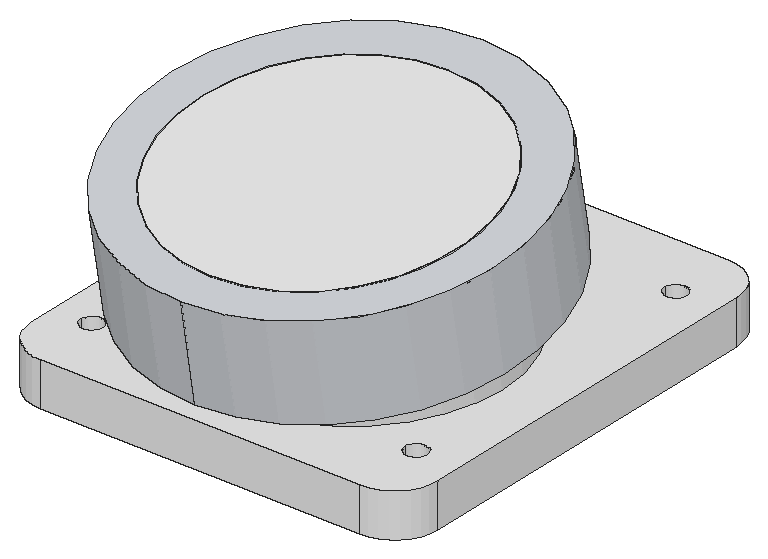
Revit family "Building-IEC309Connections-GEWISS-IEC309HP-10°_FLUSH-MOUNT_SOCKET_FAST_WIRING_16A_IP66-67", category Apparecchi elettrici, host Superficie, Revit 2019
Family settings
  Host = Superficie
  Mantenere orientamento annotazione = Sì
  Quota connettore circolare = Usa diametro
  Tipo di parte = Normale
  Taglio con vuoti quando caricato = No
  Condiviso = Sì
  Punto di calcolo locali = Sì
Parameters (values of type "GW62232FH - 10°FL.S.O. HP IP67 3P+N+E 16A 400V 6H FW")
  simbolo acceso [instance] = yes
  distanza_simbolo [instance] = 1 mm
  distanza dal piano [instance] = 0 mm
  W = 115 mm  # constant formula
  Version file RFA = "21.11"
  URL = "https://www.gewiss.com/ww/en"
  Typology = "10° angled flush-mounting socket-outlet"
  Type of wiring = "Quick, with spring"
  Type of material = "Halogen-free in compliance with EN 60754-2"
  Total number of operations = "-5000"
  Thermo-pressure with ball = "125 °C (active parts) - 80 °C (passive parts)"
  Terminal tightening capacity = "1-2.5mm² flexible cables - 1.5-4mm² rigid cables"
  Technical sheet = "https://www.gewiss.com/ww/en/search?q=GW62232FH"
  Spostamento_effettivo_S [instance] = 4000 mm - Spostamento_S  # 3037.5 mm
  Spostamento_S = 962.5 mm
  Sportello_visibile = yes
  Shock resistance = "IK09"
  SPinotto = Default(2)
  SEO = "Socket outlet"
  Reference h = "6"
  Realized by GEWISS S.p.A. = ""
  Rated voltage = "380-415V"
  Rated current (A) = "16"
  Default Elevation = 1219.2 mm
  Produttore = "GEWISS S.p.A."
  Piastra = Default(2)
  Permissible overload = "22A"
  Operating temperature: = "-25 +55 °C"
  No. of poles = "3P+N+E"
  Model = "GW62232FH"
  L = 155 mm  # constant formula
  Insulation resistance = "- 10 M?"
  Immagine tipo = (empty or 0)
  IP degree = "IP66/IP67"
  IDT = "9b8ae15b49374dbd8d3f1d850d5329b8"
  IDF = "05c75059-b469-482b-bbee-a917f45b1598"
  Glow wire test: = "850 °C (active parts) - 650 °C (passive parts)"
  Frequency = "50/60 Hz"
  Flange dimensions (mm) = "85x75"
  FORMULA = 1000 mm * 1  # 1000 mm
  Electrocod = "2210"
  Description = "10°FL.S.O. HP IP67 3P+N+E 16A 400V 6H FW"
  Corpo centrale = Default(2)
  Colour: = "Red"
  Catalogue = "BUILDING"
  COBie.Tagnumber = ""
  COBie.CreatedOn = ""
  COBie.CreatebBy = ""
  COBie.ComponentRegisterItemID = ""
  COBie.Component.TagNumber = ""
  COBie.Component.Space = ""
  COBie.Component.SerialNumber = ""
  COBie.Component.InstallationDate = ""
  COBie.Component.Description = ""
  COBie.Component.BarCode = ""
  Breaking capacity at 1.1 Un = "20A"
  BLOCCO = "B=C"
Types (9, lengths in mm): name | Technical sheet | Reference h | Rated voltage | No. of poles | Model | IDT | Description | Colour:
  GW62224FH - 10°FLUSH.S.O. HP IP67 2P+E 16A 110V4H FW | "https://www.gewiss.com/ww/en/search?q=GW62224FH" | "4" | "100-130V" | "2P+E" | "GW62224FH" | "698259aaa91d4536b74e5ba9ed7e1cc3" | "10°FLUSH.S.O. HP IP67 2P+E 16A 110V4H FW" | "Yellow"
  GW62225FH - 10°FLUSH.S.O. HP IP67 3P+E 16A 110V4H FW | "https://www.gewiss.com/ww/en/search?q=GW62225FH" | "4" | "100-130V" | "3P+E" | "GW62225FH" | "5400cf34d5af462d992f40189b08bdd3" | "10°FLUSH.S.O. HP IP67 3P+E 16A 110V4H FW" | "Yellow"
  GW62226FH - 10°FLUSH.SO.HP IP67 3P+N+E 16A 110V4H FW | "https://www.gewiss.com/ww/en/search?q=GW62226FH" | "4" | "100-130V" | "3P+N+E" | "GW62226FH" | "452948458adf45088ffba887440ed8d2" | "10°FLUSH.SO.HP IP67 3P+N+E 16A 110V4H FW" | "Yellow"
  GW62227FH - 10°FLUSH.S.O. HP IP67 2P+E 16A 230V6H FW | "https://www.gewiss.com/ww/en/search?q=GW62227FH" | "6" | "200-250V" | "2P+E" | "GW62227FH" | "8cc06214a61c4c3d926ac3452f3ae0f1" | "10°FLUSH.S.O. HP IP67 2P+E 16A 230V6H FW" | "Blue"
  GW62228FH - 10°FLUSH.S.O. HP IP67 3P+E 16A 230V9H FW | "https://www.gewiss.com/ww/en/search?q=GW62228FH" | "9" | "200-250V" | "3P+E" | "GW62228FH" | "80e1ab80c43242e1a13a7cea3c8d646b" | "10°FLUSH.S.O. HP IP67 3P+E 16A 230V9H FW" | "Blue"
  GW62229FH - 10°FL.S.O. HP IP67 3P+N+E 16A 230V 9H FW | "https://www.gewiss.com/ww/en/search?q=GW62229FH" | "9" | "200-250V" | "3P+N+E" | "GW62229FH" | "cf181914e70c4afd8d16e04d537d9761" | "10°FL.S.O. HP IP67 3P+N+E 16A 230V 9H FW" | "Blue"
  GW62230FH - 10°FLUSH.S.O. HP IP67 2P+E 16A 400V9H FW | "https://www.gewiss.com/ww/en/search?q=GW62230FH" | "9" | "380-415V" | "2P+E" | "GW62230FH" | "1e49d20166e8425f8465a9ade29f97c9" | "10°FLUSH.S.O. HP IP67 2P+E 16A 400V9H FW" | "Red"
  GW62231FH - 10°FLUSH.S.O. HP IP67 3P+E 16A 400V6H FW | "https://www.gewiss.com/ww/en/search?q=GW62231FH" | "6" | "380-415V" | "3P+E" | "GW62231FH" | "d65be4468da44ff8a8c79049c0850c57" | "10°FLUSH.S.O. HP IP67 3P+E 16A 400V6H FW" | "Red"
  GW62232FH - 10°FL.S.O. HP IP67 3P+N+E 16A 400V 6H FW | "https://www.gewiss.com/ww/en/search?q=GW62232FH" | "6" | "380-415V" | "3P+N+E" | "GW62232FH" | "9b8ae15b49374dbd8d3f1d850d5329b8" | "10°FL.S.O. HP IP67 3P+N+E 16A 400V 6H FW" | "Red"
Reference planes
  plane 1 "Centro (Fronte/Retro)": y = 0
  plane 2: z = 0
  plane 3 "Centro (Sinistra/Destra)": x = 0
  plane 4: x = -3000
  plane 5: x = 37.5
  plane 6: z = 0
Dimensions and locks
  plane 4 to plane 3 "Centro (Sinistra/Destra)" = 3000 mm
  "Spostamento_effettivo_S": plane 4 to plane 5
  "distanza dal piano": plane 6 to plane 2
  aligned and locked: plane 2 to host face
  aligned and locked: level to host face
  aligned and locked: plane 3 "Centro (Sinistra/Destra)" to nested 1
  aligned and locked: plane 1 "Centro (Fronte/Retro)" to nested 1
  aligned and locked: nested 2 to plane 5
Automatic sketch dimensions
  host sketch curve to host sketch curve = 2438.4 mm  (x2)
Nested families
  nested 1: "IEC309 PRESE FISSE INCASSO 10' CABLAGGIO RAPIDO 16A IP66-67_base" at (0, 0, 0), type "IEC309 PRESE FISSE INCASSO 10' CABLAGGIO RAPIDO 16A IP66-67_base"
  nested 2: "GWGW62201FH - SIMBOLO_PRESA" at (37.5, 171.559, 0), visible <- "simbolo acceso", Distanza dal muro <- "distanza_simbolo", type "3P"
    with SIMBOLO ACCESO yes, Distanza dal muro 1 mm
Connectors
  electrical at (37.5, 30, 0)
    settings: on nested 1, index 1, voltage 0 V, apparent load 0 VA, apparent load phase1 0 VA, apparent load phase2 0 VA, apparent load phase3 0 VA, power factor 1, load classification "Altro", number of poles 1, system type 31, power factor state 1, is connector primary yes, connector utility no, sub classification motor no, connector description ""
Definition of nested family "IEC309 PRESE FISSE INCASSO 10' CABLAGGIO RAPIDO 16A IP66-67_base"
  Parameters (values of type "IEC309 PRESE FISSE INCASSO 10' CABLAGGIO RAPIDO 16A IP66-67_base")
    sp_ghiera = 16 mm
    h = 85 mm  # constant formula
    dis_base = 71 mm
    Sportello = yes
    Spinotto = none
    R1 = 28 mm
    PIASTRA = none
    Lunghezza totale = 140 mm
    CENTRALE = none
    Bsae = 75 mm  # constant formula
  Reference planes
    plane 1 "Centro (Fronte/Retro)": y = 0
    plane 2: z = 0
    plane 3 "Centro (Sinistra/Destra)": x = 0
    plane 4: x = 75
    plane 5: x = 7
    plane 6: y = 13
    plane 7: x = 67
    plane 8: y = 73
    plane 9: y = 85
    plane 10: y = 36.5
    plane 11: x = 37.5
    plane 12: z = 8.057
    plane 13: y = 29
    plane 14: z = 23.239
    plane 15: through (37.5, 29, 1200) normal (-0.766, -0.6428, 0)
    plane 16: through (37.5, 29, 1200) normal (-0.766, 0.6428, 0)
  Forms (mm)
    Extrusion 1, solid, material <- "PIASTRA"
      sketch origin (0, 0, 0) x (1, 0, 0) y (0, 1, 0)
        loop
          arc (8, 85) -> (2.343, 82.657) -> (0, 77) r 8
          line (0, 77) -> (0, 8)
          arc (0, 8) -> (2.343, 2.343) -> (8, 0) r 8
          line (8, 0) -> (67, 0)
          arc (67, 0) -> (72.657, 2.343) -> (75, 8) r 8
          line (75, 8) -> (75, 77)
          arc (75, 77) -> (72.657, 82.657) -> (67, 85) r 8
          line (67, 85) -> (8, 85)
      from 0 to 8.057
    Sweep 2, solid, material <- "PIASTRA"
      path origin (0, 0, 0) x (0, 1, 0) y (0, 0, 1)
        loop
          line (30.307, 36.491) -> (36.11, 4.578)
      profile origin (0, 33.208, 20.535) x (0, 0.983865, 0.17891) y (1, 0, 0)
        loop
          circle (-0.621, 37.5) r 28
    Sweep 3, solid, visible <- "Sportello"
      path origin (0, 4.078, -0.205) x (0, 0.999986, 0.005351) y (0, -0.005351, 0.999986)
        loop
          line (29.007, 37.011) -> (32.297, 18.354)
      profile origin (0, 34.581, 27.641) x (0, 0.983865, 0.17891) y (1, 0, 0)
        loop
          circle (-2.622, 37.5) r 35.5
    Extrusion 4, void
      sketch origin (0, 0, 0) x (1, 0, 0) y (0, 1, 0)
        loop
          circle (7, 73) r 2.072
        loop
          circle (67, 73) r 2.072
        loop
          circle (7, 13) r 2.072
        loop
          circle (67, 13) r 2.072
      from 0 to 8.057
    Sweep 5, void
      path origin (0, -0.625, 0) x (0, 1, 0) y (0, 0, 1)
        loop
          line (30.307, 36.491) -> (35.674, 6.975)
      profile origin (0, 32.365, 21.733) x (0, 0.983865, 0.17891) y (1, 0, 0)
        loop
          circle (0, 37.5) r 28
  Cuts and joins
    Extrusion 4 cuts Extrusion 1
    Extrusion 4 cuts Sweep 2
    joined: Extrusion 1, Sweep 2
    Sweep 5 cuts Sweep 3
  Dimensions and locks
    "Bsae": plane 3 "Centro (Sinistra/Destra)" to plane 4
    locked: plane 7 to plane 4 at 8
    "h": plane 1 "Centro (Fronte/Retro)" to plane 9
    equal spacing: plane 1 "Centro (Fronte/Retro)", plane 10, plane 8
    equal spacing: plane 3 "Centro (Sinistra/Destra)", plane 11, plane 4
    locked: plane 5 to plane 7 at 60
    locked: plane 8 to plane 6 at 60
    locked: plane 12 to level at 8.057
    plane 1 "Centro (Fronte/Retro)" to plane 13 = 29 mm
    plane 14 to plane 12 = 15.181 mm
    radius of Extrusion 1 sketch curve = 8 mm  (x4)
    "R1": radius of Sweep 2 sketch curve
    "R1": radius of Sweep 5 sketch curve
    aligned and locked: level to plane 2
    aligned and locked: plane 9 to Extrusion 1
    aligned and locked: Extrusion 1 to plane 3 "Centro (Sinistra/Destra)"
    aligned and locked: plane 1 "Centro (Fronte/Retro)" to Extrusion 1
    aligned and locked: Extrusion 1 to plane 4
    aligned and locked: plane 12 to Extrusion 1
    aligned and locked: plane 5 to Extrusion 4 sketch curve  (x2)
    aligned and locked: plane 8 to Extrusion 4 sketch curve  (x2)
    aligned and locked: plane 7 to Extrusion 4 sketch curve  (x2)
    aligned and locked: plane 6 to Extrusion 4 sketch curve  (x2)
    aligned and locked: Extrusion 1 to Extrusion 4
  Automatic sketch dimensions
    Extrusion 1 sketch curve to plane 3 "Centro (Sinistra/Destra)" = 0 mm
    Extrusion 1 sketch curve to plane 7 = 0 mm
    plane 1 "Centro (Fronte/Retro)" to Extrusion 1 sketch curve = 0 mm
    Extrusion 1 sketch curve to plane 9 = 0 mm
    plane 13 to Sweep 3 sketch curve = 3.887 mm
    plane 14 to Sweep 3 sketch curve = 13.722 mm
    Sweep 3 sketch curve to Sweep 3 sketch curve = 3.29 mm
    Sweep 3 sketch curve to Sweep 3 sketch curve = 18.656 mm
    profile plane to Sweep 3 sketch curve = 2.622 mm
    plane 3 "Centro (Sinistra/Destra)" to Sweep 3 sketch curve = 37.5 mm
    plane 13 to Sweep 2 sketch curve = 1.307 mm
    Sweep 2 sketch curve to plane 10 = 0.39 mm
    Sweep 2 sketch curve to plane 12 = 3.48 mm
    plane 14 to Sweep 2 sketch curve = 13.253 mm
    plane 13 to Sweep 5 sketch curve = 0.682 mm
    Sweep 5 sketch curve to plane 12 = 1.082 mm
    Sweep 5 sketch curve to plane 10 = 1.451 mm
    plane 14 to Sweep 5 sketch curve = 13.253 mm
    profile plane to Sweep 2 sketch curve = 0.621 mm
    plane 3 "Centro (Sinistra/Destra)" to Sweep 2 sketch curve = 37.5 mm
    Sweep 5 sketch curve to profile plane = 0 mm
    plane 3 "Centro (Sinistra/Destra)" to Sweep 5 sketch curve = 37.5 mm
    radius of Extrusion 4 sketch curve = 2.072 mm  (x4)
    radius of Sweep 3 sketch curve = 35.5 mm
Definition of nested family "GWGW62201FH - SIMBOLO_PRESA"
  Parameters (values of type "3P")
    SIMBOLO ACCESO [instance] = yes
    Distanza dal muro [instance] = 0 mm
  Reference planes
    plane 1: y = 0
    plane 2: x = 0
  Dimensions and locks
    "Distanza dal muro": plane 1 to nested 1
    aligned and locked: plane 2 to nested 1
  Nested families
    nested 1: "GWGW62201FH - SIMBOLO" at (0, 0, 0), visible <- "SIMBOLO ACCESO", type "3P"
  Definition of nested family "GWGW62201FH - SIMBOLO"
    Parameters (values of type "3P")
      CORNICE SIMBOLO [instance] = yes
      3P = yes
    Reference planes
      plane 1: y = 0
      plane 2: x = 0
    Lines and regions (mm)
      detail lines
        curve 1: circle (-0.314, 0.674, 0) r 0.057 normal (0, 0, 1)
        curve 2: arc (0.346, -0.009, 0) -> (0, 0.337, 0) -> (-0.346, -0.009, 0) r 0.346
        curve 3: line (0, 0.337, 0) -> (0.346, 0.337, 0)
        curve 4: line (0, 3.386, 0) -> (0, 0.337, 0)
        curve 5: line (0, 0.337, 0) -> (-0.314, 0.674, 0)
